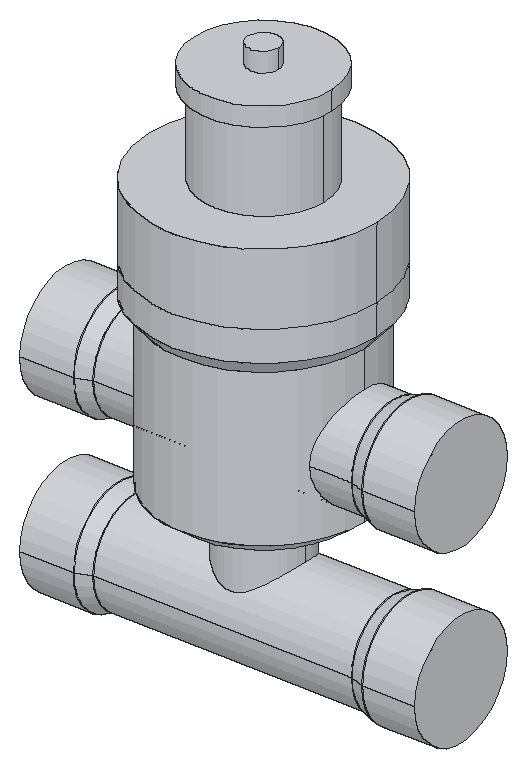
Revit family "VTX09P_DN15_PN16_RFA_2018", category Pipe Accessories, Revit 2018
Family settings
  Round Connector Dimension = Use Diameter
  Part Type = Valve - Breaks Into
  Work Plane-Based = No
  Always vertical = Yes
  Cut with Voids When Loaded = No
  Shared = No
Parameters (values of type "VTX09P G1/2  PN16 kvs0,25")
  magiProductId = ""
  magiProductFamilyId = ""
  magiPartTypeId = 306
  isMeasuringValve [instance] = no
  ang2D [instance] = 0.00°
  Z8 = 4 mm
  Z7__ve = -Z7  # -2.5 mm
  Z7 = 2.5 mm
  Z5 = 9.45 mm
  Z3 = 2 mm
  Z2 = 8.05 mm
  X4__ve = -X4  # -7 mm
  X4 = 7 mm
  X3 = 34 mm
  W2D = 15 mm
  VersionID = ""
  Use Minimum Symbol Size [instance] = yes
  URL = "www.hydronix.cz"
  Type Comments = "Závitový, vnější závit, ploché těsnění; LIN charakteristika; PN16; +5~+95°C; max.rychlost proudění 3,0 m/s"
  R9 = 9 mm
  R8 = 2 mm
  R7 = 15 mm
  R6 = 10.64 mm
  R5 = 6.703 mm
  R4 = 5.586 mm
  R2 = 13.3 mm
  R10 = 8 mm
  R1 = 6.75 mm
  QmdConnectorList = "301;D;302;D"
  Productdata [instance] = ""
  Manufacturer = "Hydronix"
  MC2 = yes
  MC Product Code = "VTX09P (G1/2\"; dpmax=250kPa; kvs 0,25)"
  MC = no
  LT2 = 19 mm
  L2D_Min = 3048 mm
  L2D = 38 mm
  H1 = 20.5 mm
  H = 27 mm
  E = 16 mm
  Description = "3 cestný regulační ventil malých spotřebičů s obtokem, DN15; zdvih 2,5mm; max dp 250kPa; kvs0,25"
  DT2 = 7.5 mm
  D = 15 mm
  CAT0 = yes
  C = 23 mm
Types (8, lengths in mm): name | Z5 | Z2 | X3 | R6 | R5 | R4 | R2 | R1 | MC Product Code | LT2 | H1 | H | Description | DT2 | D | C
  VTX09P G1/2  PN16 kvs0,25 | 9.45 | 8.05 | 34 | 10.64 | 6.703 | 5.586 | 13.3 | 6.75 | "VTX09P (G1/2\"; dpmax=250kPa; kvs 0,25)" | 19 | 20.5 | 27 | "3 cestný regulační ventil malých spotřebičů s obtokem, DN15; zdvih 2,5mm; max dp 250kPa; kvs0,25" | 7.5 | 15 | 23
  VTX10P G1/2  PN16 kvs0,4 | 9.45 | 8.05 | 34 | 10.64 | 6.703 | 5.586 | 13.3 | 6.75 | "VTX10P (G1/2\"; dpmax=250kPa; kvs 0,4)" | 19 | 20.5 | 27 | "3 cestný regulační ventil malých spotřebičů s obtokem, DN15; zdvih 2,5mm; max dp 250kPa; kvs0,4" | 7.5 | 15 | 23
  VTX12P G1/2  PN16 kvs1,0 | 9.45 | 8.05 | 34 | 10.64 | 6.703 | 5.586 | 13.3 | 6.75 | "VTX12P (G1/2\"; dpmax=250kPa; kvs 1,0)" | 19 | 20.5 | 27 | "3 cestný regulační ventil malých spotřebičů s obtokem, DN15; zdvih 2,5mm; max dp 250kPa; kvs1,0" | 7.5 | 15 | 23
  VTX13P G1/2  PN16 kvs1,6 | 9.45 | 8.05 | 34 | 10.64 | 6.703 | 5.586 | 13.3 | 6.75 | "VTX13P (G1/2\"; dpmax=250kPa; kvs 1,6)" | 19 | 20.5 | 27 | "3 cestný regulační ventil malých spotřebičů s obtokem, DN15; zdvih 2,5mm; max dp 250kPa; kvs1,6" | 7.5 | 15 | 23
  VTX21P G3/4  PN16 kvs2,5 | 9.1 | 17.5 | 38 | 11.76 | 7.409 | 6.174 | 14.7 | 9 | "VTX21P (G3/4\"; dpmax=150kPa; kvs 2,5)" | 21 | 37.4 | 26 | "3 cestný regulační ventil malých spotřebičů s obtokem, DN20; zdvih 2,5mm; max dp 150kPa; kvs2,5" | 10 | 20 | 50
  VTX24P G3/4  PN16 kvs4,0 | 9.1 | 17.5 | 38 | 11.76 | 7.409 | 6.174 | 14.7 | 9 | "VTX24P (G3/4\"; dpmax A-AB=100kPa;  dpmax B-AB=40kPa;  kvs 4,0)" | 21 | 37.4 | 26 | "3 cestný regulační ventil malých spotřebičů s obtokem, DN20; zdvih 2,5mm; max dp A-AB 100kPa; max dp B-AB 40kPa; kvs4,0" | 10 | 20 | 50
  VTX26P G3/4  PN16 kvs6,0 | 9.1 | 17.5 | 38 | 11.76 | 7.409 | 6.174 | 14.7 | 9 | "VTX26P (G3/4\"; dpmax A-AB=100kPa;  dpmax B-AB=40kPa; kvs 6,0)" | 21 | 37.4 | 26 | "3 cestný regulační ventil malých spotřebičů s obtokem, DN20; zdvih 2,5mm; max dp A-AB 100kPa; max dp B-AB 40kPa; kvs6,0" | 10 | 20 | 50
  VTX11P G1/2  PN16 kvs0,6 | 9.45 | 8.05 | 34 | 10.64 | 6.703 | 5.586 | 13.3 | 6.75 | "VTX11P (G1/2\"; dpmax=250kPa; kvs 0,6)" | 19 | 20.5 | 27 | "3 cestný regulační ventil malých spotřebičů s obtokem, DN15; zdvih 2,5mm; max dp 250kPa; kvs0,6" | 7.5 | 15 | 23
Reference planes
  plane 1 "Center (Front/Back)": y = 0
  plane 2 "XYPLANE": z = 0
  plane 3 "Center (Left/Right)": x = 0
  plane 4 "271": z = 38
  plane 5 "254": z = 11.55
  plane 6 "253": z = 17.55
  plane 7 "148": z = 40.5
  plane 8 "132": z = 43
  plane 9 "62": z = 13.55
  plane 10 "53": z = 27
  plane 11 "52": z = -8.95
  plane 12 "48": z = -10.95
  plane 13 "47": z = -12.95
  plane 14 "38": z = -21
  plane 15 "37": x = 17
  plane 16 "36": x = 19
  plane 17 "23": z = -23
  plane 18 "19": x = -17
  plane 19 "15": x = -19
  plane 20 "6": x = 26
  plane 21 "5": x = -26
  plane 22 "3": z = 0
  plane 23 "2": y = 0
  plane 24 "1": x = 0
Forms (mm)
  Extrusion 1, solid
    sketch origin (-17, -750, 0) x (0, 1, 0) y (0, 0, 1)
      loop
        circle (750, -23) r 6.75
    from 0 to 34 <- "X3"
  Blend 2, solid
    base sketch origin (19, -750, 0) x (0, 1, 0) y (0, 0, 1)
      loop
        circle (750, -23) r 7.5
    top sketch origin (19, -750, 0) x (0, 1, 0) y (0, 0, 1)
      loop
        circle (750, -23) r 6.75
    from 0 to -2
  Extrusion 3, solid
    sketch origin (26, -750, 0) x (0, 1, 0) y (0, 0, 1)
      loop
        circle (750, -23) r 7.5
    from 0 to -7 <- "X4__ve"
  Extrusion 4, solid
    sketch origin (-26, -750, 0) x (0, 1, 0) y (0, 0, 1)
      loop
        circle (750, -23) r 7.5
    from 0 to 7 <- "X4"
  Blend 5, solid
    base sketch origin (-19, -750, 0) x (0, 1, 0) y (0, 0, 1)
      loop
        circle (750, -23) r 7.5
    top sketch origin (-19, -750, 0) x (0, 1, 0) y (0, 0, 1)
      loop
        circle (750, -23) r 6.75
    from 0 to 2
  Extrusion 6, solid, visible <- "CAT0"
    sketch origin (-750, 0, 43) x (1, 0, 0) y (0, 1, 0)
      loop
        circle (750, 0) r 2
    from 0 to -2.5 <- "Z7__ve"
  Extrusion 7, solid, visible <- "CAT0"
    sketch origin (-750, 0, 38) x (1, 0, 0) y (0, 1, 0)
      loop
        circle (750, 0) r 8
    from 0 to -19
  Extrusion 8, solid, visible <- "CAT0"
    sketch origin (-17, -750, 0) x (0, 1, 0) y (0, 0, 1)
      loop
        circle (750, 0) r 6.75
    from 0 to 34 <- "X3"
  Extrusion 9, solid
    sketch origin (-750, 0, 13.55) x (1, 0, 0) y (0, 1, 0)
      loop
        circle (750, 0) r 15
    from 0 to 4 <- "Z8"
  Extrusion 10, solid
    sketch origin (-750, 0, 40.5) x (1, 0, 0) y (0, 1, 0)
      loop
        circle (750, 0) r 9
    from 0 to -2.5 <- "Z7__ve"
  Extrusion 11, solid
    sketch origin (-750, 0, 17.55) x (1, 0, 0) y (0, 1, 0)
      loop
        circle (750, 0) r 15
    from 0 to 9.45 <- "Z5"
  Blend 12, solid
    base sketch origin (-750, 0, 11.55) x (1, 0, 0) y (0, 1, 0)
      loop
        circle (750, 0) r 13.3
    top sketch origin (-750, 0, 11.55) x (1, 0, 0) y (0, 1, 0)
      loop
        circle (750, 0) r 15
    from 0 to 2
  Blend 13, solid
    base sketch origin (-750, 0, -8.95) x (1, 0, 0) y (0, 1, 0)
      loop
        circle (750, 0) r 13.3
    top sketch origin (-750, 0, -8.95) x (1, 0, 0) y (0, 1, 0)
      loop
        circle (750, 0) r 10.64
    from 0 to -2
  Blend 14, solid
    base sketch origin (-750, 0, -10.95) x (1, 0, 0) y (0, 1, 0)
      loop
        circle (750, 0) r 6.703
    top sketch origin (-750, 0, -10.95) x (1, 0, 0) y (0, 1, 0)
      loop
        circle (750, 0) r 5.586
    from 0 to -2
  Extrusion 15, solid
    sketch origin (-750, 0, -21) x (1, 0, 0) y (0, 1, 0)
      loop
        circle (750, 0) r 5.586
    from 0 to 8.05 <- "Z2"
  Extrusion 16, solid
    sketch origin (26, -750, 0) x (0, 1, 0) y (0, 0, 1)
      loop
        circle (750, 0) r 7.5
    from 0 to -7 <- "X4__ve"
  Blend 17, solid
    base sketch origin (19, -750, 0) x (0, 1, 0) y (0, 0, 1)
      loop
        circle (750, 0) r 7.5
    top sketch origin (19, -750, 0) x (0, 1, 0) y (0, 0, 1)
      loop
        circle (750, 0) r 6.75
    from 0 to -2
  Extrusion 18, solid
    sketch origin (-750, 0, -8.95) x (1, 0, 0) y (0, 1, 0)
      loop
        circle (750, 0) r 13.3
    from 0 to 20.5 <- "H1"
  Blend 19, solid
    base sketch origin (-19, -750, 0) x (0, 1, 0) y (0, 0, 1)
      loop
        circle (750, 0) r 7.5
    top sketch origin (-19, -750, 0) x (0, 1, 0) y (0, 0, 1)
      loop
        circle (750, 0) r 6.75
    from 0 to 2
  Extrusion 20, solid
    sketch origin (-26, -750, 0) x (0, 1, 0) y (0, 0, 1)
      loop
        circle (750, 0) r 7.5
    from 0 to 7 <- "X4"
  Extrusion 21, solid, not visible
    sketch origin (19, -750, 0) x (0, 1, 0) y (0, 0, 1)
      loop
        circle (750, 0) r 10
    from 0 to -10
  Extrusion 22, solid, not visible
    sketch origin (-19, -750, 0) x (0, 1, 0) y (0, 0, 1)
      loop
        circle (750, 0) r 10
    from 0 to 10
Lines and regions (mm)
  reference lines, not visible
    curve 1: circle (2, 2, 0) r 1 normal (0, 0, 1)
Dimensions and locks
  plane 1 "Center (Front/Back)" to curve 1 = 2 mm
  "Z7": plane 7 "148" to plane 4 "271"
  "Z3": plane 9 "62" to plane 5 "254"
  "Z5": plane 10 "53" to plane 6 "253"
  "Z7": plane 8 "132" to plane 7 "148"
  "E": plane 10 "53" to plane 8 "132"
  "Z8": plane 6 "253" to plane 9 "62"
  "H": plane 2 "XYPLANE" to plane 10 "53"
  "Z3": plane 12 "48" to plane 11 "52"
  "Z3": plane 13 "47" to plane 12 "48"
  "Z2": plane 14 "38" to plane 13 "47"
  "Z3": plane 17 "23" to plane 14 "38"
  locked: plane 16 "36" to plane 15 "37" at 2
  "LT2": plane 3 "Center (Left/Right)" to plane 16 "36"
  "C": plane 2 "XYPLANE" to plane 17 "23"
  locked: plane 19 "15" to plane 18 "19" at 2
  "LT2": plane 3 "Center (Left/Right)" to plane 19 "15"
  "X4": plane 16 "36" to plane 20 "6"
  "X4": plane 19 "15" to plane 21 "5"
  locked: plane 2 "XYPLANE" to plane 22 "3"
  locked: plane 1 "Center (Front/Back)" to plane 23 "2"
  locked: plane 3 "Center (Left/Right)" to plane 24 "1"
  "R1": radius of Extrusion 1 sketch curve
  "R1": radius of Blend 2 sketch curve
  "DT2": radius of Blend 2 sketch curve
  "DT2": radius of Extrusion 3 sketch curve
  "DT2": radius of Extrusion 4 sketch curve
  "R1": radius of Blend 5 sketch curve
  "DT2": radius of Blend 5 sketch curve
  "R8": radius of Extrusion 6 sketch curve
  "R10": radius of Extrusion 7 sketch curve
  "R1": radius of Extrusion 8 sketch curve
  "R7": radius of Extrusion 9 sketch curve
  "R9": radius of Extrusion 10 sketch curve
  "R7": radius of Extrusion 11 sketch curve
  "R7": radius of Blend 12 sketch curve
  "R2": radius of Blend 12 sketch curve
  "R6": radius of Blend 13 sketch curve
  "R2": radius of Blend 13 sketch curve
  "R4": radius of Blend 14 sketch curve
  "R5": radius of Blend 14 sketch curve
  "R4": radius of Extrusion 15 sketch curve
  "DT2": radius of Extrusion 16 sketch curve
  "R1": radius of Blend 17 sketch curve
  "DT2": radius of Blend 17 sketch curve
  "R2": radius of Extrusion 18 sketch curve
  "R1": radius of Blend 19 sketch curve
  "DT2": radius of Blend 19 sketch curve
  "DT2": radius of Extrusion 20 sketch curve
  aligned and locked: level to plane 2 "XYPLANE"
  aligned and locked: plane 17 "23" to Extrusion 1 sketch curve
  aligned and locked: Extrusion 1 sketch curve to plane 23 "2"
  aligned and locked: plane 17 "23" to Blend 2 sketch curve  (x2)
  aligned and locked: Blend 2 sketch curve to plane 23 "2"  (x2)
  aligned and locked: Blend 2 to plane 15 "37"
  aligned and locked: plane 17 "23" to Extrusion 3 sketch curve
  aligned and locked: Extrusion 3 sketch curve to plane 23 "2"
  aligned and locked: plane 17 "23" to Extrusion 4 sketch curve
  aligned and locked: Extrusion 4 sketch curve to plane 23 "2"
  aligned and locked: plane 17 "23" to Blend 5 sketch curve  (x2)
  aligned and locked: Blend 5 sketch curve to plane 23 "2"  (x2)
  aligned and locked: plane 18 "19" to Blend 5
  aligned and locked: plane 23 "2" to Extrusion 6 sketch curve
  aligned and locked: plane 24 "1" to Extrusion 6 sketch curve
  aligned and locked: plane 23 "2" to Extrusion 7 sketch curve
  aligned and locked: plane 24 "1" to Extrusion 7 sketch curve
  aligned and locked: plane 22 "3" to Extrusion 8 sketch curve
  aligned and locked: Extrusion 8 sketch curve to plane 23 "2"
  aligned and locked: plane 23 "2" to Extrusion 9 sketch curve
  aligned and locked: plane 24 "1" to Extrusion 9 sketch curve
  aligned and locked: plane 23 "2" to Extrusion 10 sketch curve
  aligned and locked: plane 24 "1" to Extrusion 10 sketch curve
  aligned and locked: plane 23 "2" to Extrusion 11 sketch curve
  aligned and locked: plane 24 "1" to Extrusion 11 sketch curve
  aligned and locked: plane 23 "2" to Blend 12 sketch curve  (x2)
  aligned and locked: plane 24 "1" to Blend 12 sketch curve  (x2)
  aligned and locked: plane 9 "62" to Blend 12
  aligned and locked: plane 23 "2" to Blend 13 sketch curve  (x2)
  aligned and locked: plane 24 "1" to Blend 13 sketch curve  (x2)
  aligned and locked: Blend 13 to plane 12 "48"
  aligned and locked: plane 23 "2" to Blend 14 sketch curve  (x2)
  aligned and locked: plane 24 "1" to Blend 14 sketch curve  (x2)
  aligned and locked: Blend 14 to plane 13 "47"
  aligned and locked: plane 23 "2" to Extrusion 15 sketch curve
  aligned and locked: plane 24 "1" to Extrusion 15 sketch curve
  aligned and locked: plane 22 "3" to Extrusion 16 sketch curve
  aligned and locked: Extrusion 16 sketch curve to plane 23 "2"
  aligned and locked: plane 22 "3" to Blend 17 sketch curve  (x2)
  aligned and locked: Blend 17 sketch curve to plane 23 "2"  (x2)
  aligned and locked: Blend 17 to plane 15 "37"
  aligned and locked: plane 23 "2" to Extrusion 18 sketch curve
  aligned and locked: plane 24 "1" to Extrusion 18 sketch curve
  aligned and locked: plane 22 "3" to Blend 19 sketch curve  (x2)
  aligned and locked: Blend 19 sketch curve to plane 23 "2"  (x2)
  aligned and locked: plane 18 "19" to Blend 19
  aligned and locked: plane 22 "3" to Extrusion 20 sketch curve
  aligned and locked: Extrusion 20 sketch curve to plane 23 "2"
  aligned and locked: plane 22 "3" to Extrusion 21 sketch curve
  aligned and locked: Extrusion 21 sketch curve to plane 23 "2"
  aligned and locked: plane 22 "3" to Extrusion 22 sketch curve
  aligned and locked: Extrusion 22 sketch curve to plane 23 "2"
Automatic sketch dimensions
  plane 1 "Center (Front/Back)" to Extrusion 21 sketch curve = 10 mm
  plane 1 "Center (Front/Back)" to Extrusion 22 sketch curve = 10 mm
  plane 3 "Center (Left/Right)" to curve 1 = 2 mm
  radius of curve 1 = 1 mm
Connectors
  piping at (-19, 0, 0), diameter 15, driven by "D"
    settings: on Extrusion 22, index 1, connector inside diameter 609.6 mm, connector length 0 mm, flow factor 0, pipe flow 0.0 L/s, pressure drop 0.0 Pa, fitting loss kfactor 0, connector angle 0.00°, fixture units 0, engagement length 0 mm, angle of deflection 0.00°, flow configuration 0, flow direction 0, fitting loss method 0, system type 29, joint type 0, gender type 0, connector reference index 2, connector utility 0, adjustable connector no, is connector primary yes, connector description ""
  piping at (19, 0, 0), diameter 15, driven by "D"
    settings: on Extrusion 21, index 2, connector inside diameter 609.6 mm, connector length 0 mm, flow factor 0, pipe flow 0.0 L/s, pressure drop 0.0 Pa, fitting loss kfactor 0, connector angle 0.00°, fixture units 0, engagement length 0 mm, angle of deflection 0.00°, flow configuration 0, flow direction 0, fitting loss method 0, system type 29, joint type 0, gender type 0, connector reference index 1, connector utility 0, adjustable connector no, is connector primary no, connector description ""
